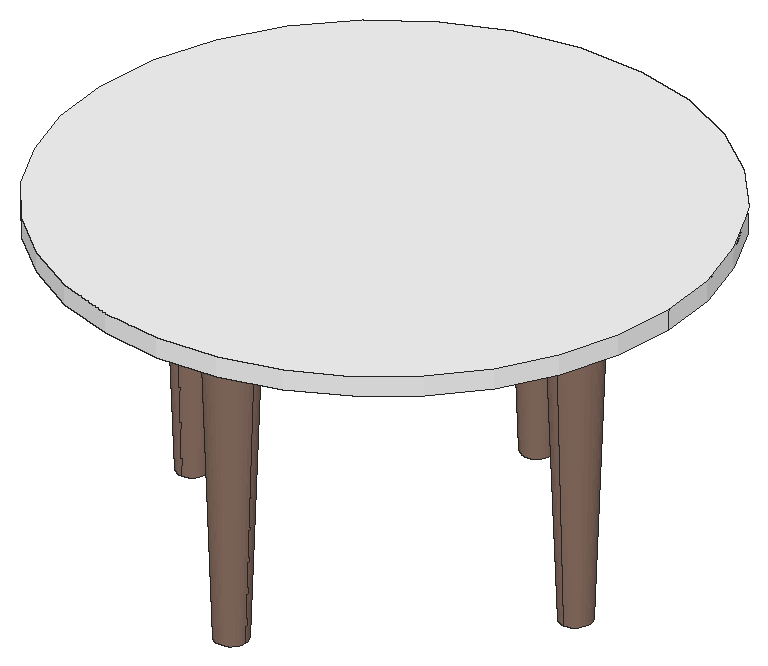
Revit family "Circular", category Furniture, Revit 2016
Family settings
  OmniClass Number = 23.40.20.00
  OmniClass Title = General Furniture and Specialties
  Work Plane-Based = No
  Always vertical = Yes
  Cut with Voids When Loaded = No
  Shared = No
  Room Calculation Point = No
Parameters (values of type "800 x 435")
  Diameter = 800 mm
  URL = "www.gof.co.uk"
  Type Comments = ""
  Range = "GALLEN"
  Product Code = "GALC08"
  Table Top = Gresham - White MFC
  Model = ""
  Manufacturer = "Gresham Office Furniture"  # constant formula
  Legs = Walnut
  Assembly Code = "E2020200"
Types (2, lengths in mm): name | Diameter | Product Code
  800 x 435 | 800 | "GALC08"
  600 x 435 | 600 | "GALC06"
Reference planes
  plane 1 "Center (Front/Back)": y = 0
  plane 2: z = 0
  plane 3 "Center (Left/Right)": x = 0
  plane 4: x = -400
  plane 5: x = 400
  plane 6 "Table Underside": z = 410
  plane 7: y = 400
  plane 8: y = -400
Forms (mm)
  Revolve 1, solid, material "Walnut" <- "Legs"
    sketch origin (771.635, 269, 1.204) x (-1, 0, 0) y (0, 0, 1)
      loop
        line (806.635, 408.796) -> (771.635, 408.796) -> (771.635, -1.204) -> (791.635, -1.204) -> (806.635, 408.796)
      axis (771.635, 408.796) -> (771.635, -1.204)
    angle from 0 to 360
  Extrusion 2, solid, material "Gresham - White MFC" <- "Table Top"
    sketch origin (0, 0, 410) x (-1, 0, 0) y (0, -1, 0)
      loop
        circle (0, 0) r 400
    from 0 to 25
  Revolve 3, solid, material "Walnut" <- "Legs"
    sketch origin (771.635, -269, 1.204) x (-1, 0, 0) y (0, 0, -1)
      loop
        line (806.635, -408.796) -> (791.635, 1.204) -> (771.635, 1.204) -> (771.635, -408.796) -> (806.635, -408.796)
      axis (771.635, -408.796) -> (771.635, 1.204)
    angle from 0 to 360
  Revolve 4, solid, material "Walnut" <- "Legs"
    sketch origin (-269, -771.635, 1.204) x (0, 1, 0) y (0, 0, -1)
      loop
        line (806.635, -408.796) -> (791.635, 1.204) -> (771.635, 1.204) -> (771.635, -408.796) -> (806.635, -408.796)
      axis (771.635, -408.796) -> (771.635, 1.204)
    angle from 0 to 360
  Revolve 5, solid, material "Walnut" <- "Legs"
    sketch origin (269, -771.635, 1.204) x (0, 1, 0) y (0, 0, 1)
      loop
        line (806.635, 408.796) -> (771.635, 408.796) -> (771.635, -1.204) -> (791.635, -1.204) -> (806.635, 408.796)
      axis (771.635, 408.796) -> (771.635, -1.204)
    angle from 0 to 360
Dimensions and locks
  plane 6 "Table Underside" to plane 2 = 410 mm
  equal spacing: plane 7, plane 1 "Center (Front/Back)", plane 8
  "Diameter": plane 7 to plane 8
  "Diameter": plane 4 to plane 5
  equal spacing: plane 4, plane 3 "Center (Left/Right)", plane 5
  locked: plane 7 to Revolve 1 at 166
  locked: Revolve 1 sketch curve to Revolve 1 sketch curve at 20
  locked: Revolve 1 sketch curve to Revolve 1 sketch curve at 35
  locked: Revolve 3 sketch curve to Revolve 3 sketch curve at 20
  locked: Revolve 3 sketch curve to Revolve 3 sketch curve at 35
  locked: Revolve 3 to plane 8 at 166
  locked: Revolve 4 sketch curve to Revolve 4 sketch curve at 20
  locked: Revolve 4 sketch curve to Revolve 4 sketch curve at 35
  locked: plane 4 to Revolve 4 at 166
  locked: Revolve 5 sketch curve to Revolve 5 sketch curve at 20
  locked: Revolve 5 sketch curve to Revolve 5 sketch curve at 35
  locked: Revolve 5 to plane 5 at 166
  aligned and locked: level to plane 2
  aligned and locked: plane 4 to Extrusion 2 sketch curve
  aligned and locked: plane 5 to Extrusion 2 sketch curve
  aligned and locked: plane 3 "Center (Left/Right)" to Revolve 1 sketch curve
  aligned and locked: plane 1 "Center (Front/Back)" to Revolve 4 sketch curve
Automatic sketch dimensions
  Revolve 1 sketch curve to plane 3 "Center (Left/Right)" = 0 mm
  Revolve 1 sketch curve to level = 0 mm
  Revolve 1 sketch curve to plane 6 "Table Underside" = 0 mm
  Revolve 1 sketch curve to Revolve 1 sketch curve = 4.142 mm
  Revolve 1 sketch curve to Revolve 1 sketch curve = 10 mm
  Extrusion 2 sketch curve to Extrusion 2 sketch curve = 0 mm
  plane 1 "Center (Front/Back)" to Extrusion 2 sketch curve = 0 mm
  Revolve 3 sketch curve to plane 3 "Center (Left/Right)" = 0 mm  (x2)
  Revolve 3 sketch curve to level = 0 mm
  Revolve 3 sketch curve to plane 6 "Table Underside" = 0 mm
  Revolve 3 sketch curve to Revolve 3 sketch curve = 4.142 mm
  Revolve 3 sketch curve to Revolve 3 sketch curve = 10 mm
  Revolve 4 sketch curve to plane 1 "Center (Front/Back)" = 0 mm
  Revolve 4 sketch curve to plane 6 "Table Underside" = 0 mm
  Revolve 4 sketch curve to level = 0 mm
  Revolve 4 sketch curve to Revolve 4 sketch curve = 4.142 mm
  Revolve 4 sketch curve to Revolve 4 sketch curve = 10 mm
  Revolve 5 sketch curve to plane 1 "Center (Front/Back)" = 0 mm  (x2)
  Revolve 5 sketch curve to level = 0 mm
  Revolve 5 sketch curve to plane 6 "Table Underside" = 0 mm
  Revolve 5 sketch curve to Revolve 5 sketch curve = 4.142 mm
  Revolve 5 sketch curve to Revolve 5 sketch curve = 10 mm
